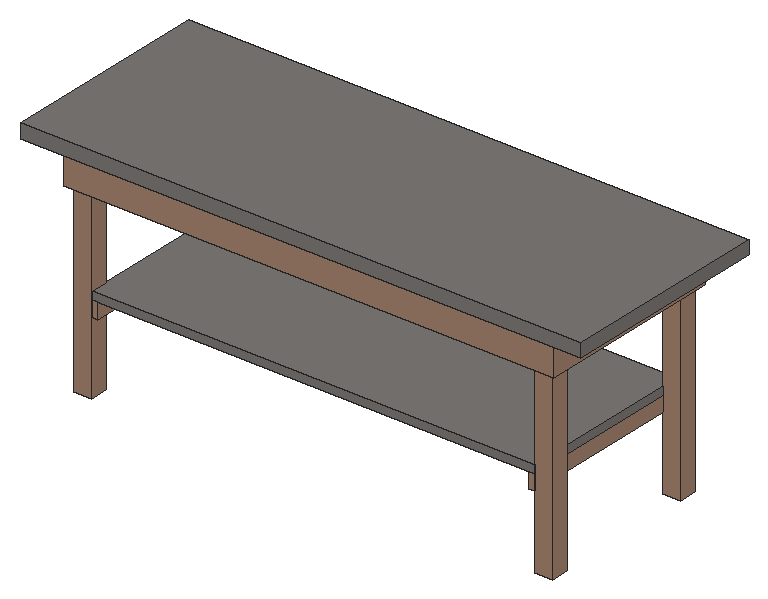
Revit family
Parameters (values of type "Ritter 95")
  Width = 27"  # constant formula
  Weight = 0.00 lbf
  Upholstery Material [instance] = Upholstery - Midmark - 232 - Shadow
  URL = "http://www.midmark.com"
  Storage Shelf [instance] = yes
  Product Page URL = "http://www.midmark.com/en-us/MedicalProducts/ManualExaminationTables/Pages/Ritter95TreatmentTable.aspx#"
  Product Documentation Link = "http://www.midmark.com/en-us/MedicalProducts/ManualExaminationTables/Pages/Ritter95TreatmentTable.aspx#documentation"
  Patient Weight Capacity = 350.00 lbf  # constant formula
  Model = "Ritter 95"
  Manufacturer = "Midmark"
  Length = 72"  # constant formula
  Height = 30"  # constant formula
  Frame Material = Wood - Midmark - Oak
  Description = "Ritter 95 Treatment Table"
  Assembly Code = "E1020810"
Reference planes (in)
  plane 1 "Center (Front/Back)": y = 0
  plane 2: z = 0
  plane 3 "Center (Left/Right)": x = 0
  plane 4 "Top Face of Table": z = 30
  plane 5: x = -36
  plane 6: x = 36
  plane 7: y = 13.5
  plane 8: y = -13.5
  plane 9 "Bottom Edge of Brace": z = 9.375
  plane 10: x = -31.5
  plane 11: x = -30.75
  plane 12: x = -28.5
  plane 13: x = 31.5
  plane 14: x = 30.75
  plane 15: x = 28.5
  plane 16: y = 12.1875
  plane 17: y = -12.1875
  plane 18: z = 23.8125
  plane 19: z = 28.25
  plane 20: y = 11.4375
  plane 21: y = -11.4375
  plane 22: z = 11.375
  plane 23: z = 12.375
  plane 24: x = -27.75
  plane 25: y = 0.375
  plane 26: y = -0.375
  plane 27: x = 27.75
  plane 28: y = 9.1875
  plane 29: y = -9.1875
Forms (in)
  Extrusion 1, solid, material "Upholstery - Midmark - 232 - Shadow" <- "Upholstery Material", detail levels medium+fine
    sketch origin (0, 0, 0) x (1, 0, 0) y (0, 1, 0)
      loop
        line (-36, 13.5) -> (-36, -13.5) -> (36, -13.5) -> (36, 13.5) -> (-36, 13.5)
    from 28.25 to 30
  Extrusion 2, solid, material "Wood - Midmark - Oak" <- "Frame Material", detail levels medium+fine
    sketch origin (0, 0, 0) x (1, 0, 0) y (0, 1, 0)
      loop
        line (-31.5, 12.1875) -> (-31.5, -12.1875) -> (31.5, -12.1875) -> (31.5, 12.1875) -> (-31.5, 12.1875)
      loop
        line (-30.75, 11.4375) -> (-30.75, -11.4375) -> (30.75, -11.4375) -> (30.75, 11.4375) -> (-30.75, 11.4375)
    from 23.8125 to 28.25
  Extrusion 3, solid, detail levels coarse
    sketch origin (0, 0, 0) x (1, 0, 0) y (0, 1, 0)
      loop
        line (-36, 13.5) -> (-36, -13.5) -> (36, -13.5) -> (36, 13.5) -> (-36, 13.5)
    from 0 to 30
  Extrusion 4, solid, material "Upholstery - Midmark - 232 - Shadow" <- "Upholstery Material", visible <- "Storage Shelf", detail levels medium+fine
    sketch origin (0, 0, 0) x (1, 0, 0) y (0, 1, 0)
      loop
        line (-28.5, 11.4375) -> (-28.5, -11.4375) -> (28.5, -11.4375) -> (28.5, 11.4375) -> (-28.5, 11.4375)
    from 11.375 to 12.375
  Extrusion 5, solid, material "Wood - Midmark - Oak" <- "Frame Material", detail levels medium+fine
    sketch origin (0, 0, 0) x (1, 0, 0) y (0, 1, 0)
      loop
        line (-28.5, 11.4375) -> (-28.5, -11.4375) -> (-27.75, -11.4375) -> (-27.75, -0.375) -> (27.75, -0.375) -> (27.75, -11.4375) -> (28.5, -11.4375) -> (28.5, 11.4375) -> (27.75, 11.4375) -> (27.75, 0.375) -> (-27.75, 0.375) -> (-27.75, 11.4375) -> (-28.5, 11.4375)
    from 9.375 to 11.375
  Extrusion 6, solid, material "Wood - Midmark - Oak" <- "Frame Material", detail levels medium+fine
    sketch origin (0, 0, 0) x (1, 0, 0) y (0, 1, 0)
      loop
        line (-30.75, 11.4375) -> (-30.75, 9.1875) -> (-28.5, 9.1875) -> (-28.5, 11.4375) -> (-30.75, 11.4375)
      loop
        line (-30.75, -9.1875) -> (-30.75, -11.4375) -> (-28.5, -11.4375) -> (-28.5, -9.1875) -> (-30.75, -9.1875)
      loop
        line (28.5, 11.4375) -> (28.5, 9.1875) -> (30.75, 9.1875) -> (30.75, 11.4375) -> (28.5, 11.4375)
      loop
        line (28.5, -9.1875) -> (28.5, -11.4375) -> (30.75, -11.4375) -> (30.75, -9.1875) -> (28.5, -9.1875)
    from 0 to 28.25
Lines and regions (in)
  Masking region 1
    outline origin (0, 0, 0) x (1, 0, 0) y (0, 1, 0)
      loop
        line (-36, 13.5) -> (-36, -13.5) -> (36, -13.5) -> (36, 13.5) -> (-36, 13.5)
Dimensions and locks (in)
  "Height": plane 4 "Top Face of Table" to plane 2
  equal spacing: plane 5, plane 3 "Center (Left/Right)", plane 6
  "Length": plane 5 to plane 6
  "Width": plane 7 to plane 8
  equal spacing: plane 7, plane 1 "Center (Front/Back)", plane 8
  plane 23 to plane 22 to plane 9 "Bottom Edge of Brace" to plane 2 = 1" locked, 2" locked, 9 3/8" locked
  plane 5 to plane 10 to plane 11 to plane 12 to plane 24 = 4 1/2" locked, 3/4" locked, 2 1/4" locked, 3/4" locked
  plane 6 to plane 13 to plane 14 to plane 15 to plane 27 = 4 1/2" locked, 3/4" locked, 2 1/4" locked, 3/4" locked
  plane 8 to plane 17 to plane 21 to plane 29 = 1 5/16" locked, 3/4" locked, 2 1/4" locked
  plane 4 "Top Face of Table" to plane 19 to plane 18 = 1 3/4" locked, 4 7/16" locked
  plane 7 to plane 16 to plane 20 to plane 28 = 1 5/16" locked, 3/4" locked, 2 1/4" locked
  equal spacing: plane 25, plane 1 "Center (Front/Back)", plane 26
  locked: plane 25 to plane 26 at 0.75
  aligned and locked: plane 2 to level
  aligned and locked: Extrusion 1 sketch curve to plane 5
  aligned and locked: Extrusion 1 sketch curve to plane 7
  aligned and locked: plane 8 to Extrusion 1 sketch curve
  aligned and locked: plane 6 to Extrusion 1 sketch curve
  aligned and locked: plane 4 "Top Face of Table" to Extrusion 1
  aligned and locked: Extrusion 1 to plane 19
  aligned and locked: Extrusion 2 sketch curve to plane 10
  aligned and locked: Extrusion 2 sketch curve to plane 16
  aligned and locked: Extrusion 2 sketch curve to plane 11
  aligned and locked: Extrusion 2 sketch curve to plane 20
  aligned and locked: plane 21 to Extrusion 2 sketch curve
  aligned and locked: plane 17 to Extrusion 2 sketch curve
  aligned and locked: plane 14 to Extrusion 2 sketch curve
  aligned and locked: plane 13 to Extrusion 2 sketch curve
  aligned and locked: plane 19 to Extrusion 2
  aligned and locked: Extrusion 2 to plane 18
  aligned and locked: Masking region 1 sketch curve to plane 5
  aligned and locked: Masking region 1 sketch curve to plane 7
  aligned and locked: plane 8 to Masking region 1 sketch curve
  aligned and locked: plane 6 to Masking region 1 sketch curve
  aligned and locked: Extrusion 3 sketch curve to plane 5
  aligned and locked: Extrusion 3 sketch curve to plane 7
  aligned and locked: plane 8 to Extrusion 3 sketch curve
  aligned and locked: plane 6 to Extrusion 3 sketch curve
  aligned and locked: plane 4 "Top Face of Table" to Extrusion 3
  aligned and locked: Extrusion 3 to plane 2
  aligned and locked: Extrusion 4 sketch curve to plane 12
  aligned and locked: Extrusion 4 sketch curve to plane 20
  aligned and locked: plane 21 to Extrusion 4 sketch curve
  aligned and locked: plane 15 to Extrusion 4 sketch curve
  aligned and locked: plane 23 to Extrusion 4
  aligned and locked: Extrusion 4 to plane 22
  aligned and locked: Extrusion 5 sketch curve to plane 20  (x2)
  aligned and locked: Extrusion 5 sketch curve to plane 12
  aligned and locked: Extrusion 5 sketch curve to plane 24  (x2)
  aligned and locked: Extrusion 5 sketch curve to plane 25
  aligned and locked: plane 27 to Extrusion 5 sketch curve  (x2)
  aligned and locked: plane 15 to Extrusion 5 sketch curve
  aligned and locked: plane 21 to Extrusion 5 sketch curve  (x2)
  aligned and locked: plane 26 to Extrusion 5 sketch curve
  aligned and locked: Extrusion 5 to plane 9 "Bottom Edge of Brace"
  aligned and locked: plane 22 to Extrusion 5
  aligned and locked: Extrusion 6 sketch curve to plane 11  (x2)
  aligned and locked: Extrusion 6 sketch curve to plane 12  (x2)
  aligned and locked: Extrusion 6 sketch curve to plane 20  (x2)
  aligned and locked: Extrusion 6 sketch curve to plane 28  (x2)
  aligned and locked: plane 29 to Extrusion 6 sketch curve  (x2)
  aligned and locked: plane 21 to Extrusion 6 sketch curve  (x2)
  aligned and locked: plane 15 to Extrusion 6 sketch curve  (x2)
  aligned and locked: plane 14 to Extrusion 6 sketch curve  (x2)
  aligned and locked: plane 19 to Extrusion 6
  aligned and locked: Extrusion 6 to plane 2
